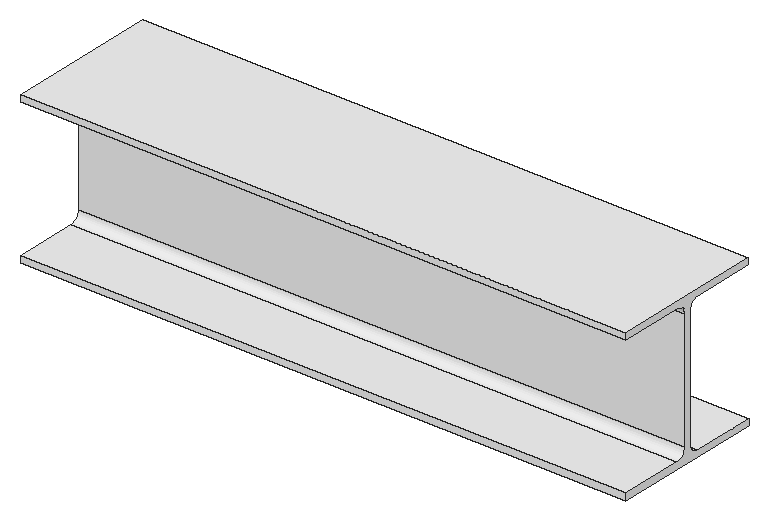
Revit family "M_HP Formas", category Quadro estrutural, Revit 2019
Family settings
  Arredondamento do comprimento do framing estrutural = 0.10 mm
  Forma do corte = Forma I do flange largo
  Material para o comportamento do modelo = Aço
  Exportar sempre como geometria = Não
  Family Name Key = M_HP Shapes
  Nome do código = AISC 14.1
  Número OmniClass = 23.25.30.11.14.14
  Título OmniClass = Beams
  ID de item do Seek = HP-Shapes-0000-CAN-ENU
  Sempre na vertical = Sim
  Corte com vazios quando carregada = Não
  Representação simbólica = Das configurações de projeto
  Compartilhado = Não
  Exibir o pré-corte da família na vista da planta = Sim
Parameters (values of type "HP310X93")
  Largura = 307.00 mm
  Espessura da teia = 13.100 mm
  Concordância da teia = 18.700 mm
  Constante da empena = 1340000000000.0 mm6
  Momento de inércia de torção = 762000.00 mm4
  Structural Material [instance] = Aço, 45-345
  Section Name Key = ""
  Section Area = 11900.0 mm²
  Plastic Modulus weak axis = 634000.0 mm³
  Plastic Modulus strong axis = 1450000.0 mm³
  Nominal Weight = 912.02 N/m
  Moment of Inertia weak axis = 6370 cm⁴
  Moment of Inertia strong axis = 19600 cm⁴
  Height = 303.00 mm
  Flange Thickness = 13.1 mm
  Elastic Modulus weak axis = 415000.0 mm³
  Elastic Modulus strong axis = 1300000.0 mm³
  Centroid Vertical = Height / 2  # 151.5 mm
  Centroid Horizontal = Largura / 2  # 153.5 mm
  Bolt Spacing = 139.7 mm
  Assembly Code = ""
  Length [instance] = 1524.00 mm
Reference planes
  plane 1 "Centro (Frente/Trás)": y = 0
  plane 2: z = 0
  plane 3 "Centro (Esquerda/Direita)": x = 4.61
  plane 4 "Membro esquerdo": x = -604.99
  plane 5 "Membro direito": x = 614.21
  plane 6: y = 153.5
  plane 7: y = -153.5
  plane 8 "Superior": z = 151.5
  plane 9: z = -151.5
  plane 10 "Direita": x = 766.61
  plane 11 "Esquerda": x = -757.39
  plane 12: x = 0
Forms (mm)
  Sweep 1, solid, material "Aço, 45-345" <- "Structural Material", detail levels fine
    path origin (0, 0, 0) x (1, 0, 0) y (0, 1, 0)
      loop
        line (614.21, 0) -> (-604.99, 0)
    profile "M_HP-Pilar de arrimo-Perfil-Alto : M_HP-Pilar de arrimo-Perfil-Alto" origin (4.61, 0, 0) x (0, -1, 0) y (0, 0, 1)
      loop
        line (-153.5, -151.5) -> (153.5, -151.5) -> (153.5, -138.4) -> (25.25, -138.4)
        arc (25.25, -138.4) -> (12.027, -132.923) -> (6.55, -119.7) r 18.7
        line (6.55, -119.7) -> (6.55, 119.7)
        arc (6.55, 119.7) -> (12.027, 132.923) -> (25.25, 138.4) r 18.7
        line (25.25, 138.4) -> (153.5, 138.4) -> (153.5, 151.5) -> (-153.5, 151.5) -> (-153.5, 138.4) -> (-25.25, 138.4)
        arc (-25.25, 138.4) -> (-12.027, 132.923) -> (-6.55, 119.7) r 18.7
        line (-6.55, 119.7) -> (-6.55, -119.7)
        arc (-6.55, -119.7) -> (-12.027, -132.923) -> (-25.25, -138.4) r 18.7
        line (-25.25, -138.4) -> (-153.5, -138.4) -> (-153.5, -151.5)
  Sweep 2, solid, material "Aço, 45-345" <- "Structural Material", detail levels medium
    path origin (0, 0, 0) x (1, 0, 0) y (0, 1, 0)
      loop
        line (614.21, 0) -> (-604.99, 0)
    profile "M_HP-Pilar de arrimo-Perfil-Médio : M_HP-Pilar de arrimo-Perfil-Médio" origin (4.61, 0, 0) x (0, -1, 0) y (0, 0, 1)
      loop
        line (-153.5, -151.5) -> (153.5, -151.5) -> (153.5, -138.4) -> (6.55, -138.4) -> (6.55, 138.4) -> (153.5, 138.4) -> (153.5, 151.5) -> (-153.5, 151.5) -> (-153.5, 138.4) -> (-6.55, 138.4) -> (-6.55, -138.4) -> (-153.5, -138.4) -> (-153.5, -151.5)
Lines and regions (mm)
  symbolic lines, style "Faces ocultas", detail levels medium+fine
    curve 1: line (614.21, -6.55, 0) -> (-604.99, -6.55, 0)
    curve 2: line (614.21, 6.55, 0) -> (-604.99, 6.55, 0)
  symbolic lines, style "Símbolos de vara", detail levels coarse
    curve 3: line (4.61, 153.5, 151.5) -> (4.61, -153.5, 151.5)
    curve 4: line (4.61, -153.5, -151.5) -> (4.61, 153.5, -151.5)
    curve 5: line (4.61, 0, -151.5) -> (4.61, 0, 151.5)
Dimensions and locks
  "Largura": plane 6 to plane 7
  "Height": plane 9 to plane 8 "Superior"
  equal spacing: plane 9, plane 2, plane 8 "Superior"
  equal spacing: plane 6, plane 1 "Centro (Frente/Trás)", plane 7
  "Length": plane 11 "Esquerda" to plane 10 "Direita"
  aligned and locked: Sweep 1 sketch curve to plane 1 "Centro (Frente/Trás)"
  aligned and locked: Sweep 2 sketch curve to plane 1 "Centro (Frente/Trás)"
  aligned and locked: Sweep 2 to curve 3  (x2)
  aligned and locked: Sweep 2 to curve 4  (x2)
  aligned and locked: curve 3 to Sweep 2
  aligned and locked: curve 4 to Sweep 2
  aligned and locked: plane 4 "Membro esquerdo" to Sweep 2 sketch curve
  aligned and locked: plane 5 "Membro direito" to Sweep 2 sketch curve
  aligned and locked: plane 4 "Membro esquerdo" to Sweep 1 sketch curve
  aligned and locked: plane 5 "Membro direito" to Sweep 1 sketch curve
  aligned and locked: plane 4 "Membro esquerdo" to curve 1
  aligned and locked: plane 4 "Membro esquerdo" to curve 2
  aligned and locked: plane 5 "Membro direito" to curve 1
  aligned and locked: plane 5 "Membro direito" to curve 2
  aligned and locked: curve 1 to Sweep 2
  aligned and locked: curve 2 to Sweep 2
  aligned and locked: plane 2 to level
  aligned and locked: plane 1 "Centro (Frente/Trás)" to curve 5
Types in the file's own list only (20): name | Largura | Espessura da teia | Concordância da teia | Constante da empena | Momento de inércia de torção | Chave do nome do corte | Área de corte | Eixo fraco do módulo plástico | Eixo forte do módulo plástico | Peso nominal | Eixo fraco do momento de inércia | Eixo forte do momento de inércia | Altura | Espessura do flange | Eixo fraco do módulo de elasticidade | Eixo forte do módulo de elasticidade | Centróide vertical | Centróide horizontal | Espaçamento do parafuso
  HP460X304 | 459.740 mm | 28.700 mm | 29.974 mm | 22200000000000.0 mm6 | 12300000.00 mm4 | HP18X204 | 38800.0 mm² | 3130000.0 mm³ | 7100000.0 mm³ | 304.00 kgf/m | 466000000.00 mm4 | 1450000000.00 mm4 | 465.000 mm | 28.700 mm | 2030000.0 mm³ | 6230000.0 mm³ | 232.500 mm | 229.870 mm | 190.5 mm
  HP460X269 | 457.200 mm | 25.400 mm | 29.972 mm | 18900000000000.0 mm6 | 8620000.00 mm4 | HP18X181 | 34300.0 mm² | 2740000.0 mm³ | 6210000.0 mm³ | 269.00 kgf/m | 405000000.00 mm4 | 1260000000.00 mm4 | 457.200 mm | 25.400 mm | 1770000.0 mm³ | 5510000.0 mm³ | 228.600 mm | 228.600 mm | 190.5 mm
  HP460X234 | 454.660 mm | 22.100 mm | 29.970 mm | 15800000000000.0 mm6 | 5790000.00 mm4 | HP18X157 | 29800.0 mm² | 2340000.0 mm³ | 5360000.0 mm³ | 234.00 kgf/m | 347000000.00 mm4 | 1070000000.00 mm4 | 450.596 mm | 22.100 mm | 1530000.0 mm³ | 4750000.0 mm³ | 225.298 mm | 227.330 mm | 190.5 mm
  HP460X202 | 452.120 mm | 19.100 mm | 29.922 mm | 13300000000000.0 mm6 | 3800000.00 mm4 | HP18X135 | 25700.0 mm² | 2000000.0 mm³ | 4600000.0 mm³ | 202.00 kgf/m | 294000000.00 mm4 | 916000000.00 mm4 | 444.500 mm | 19.100 mm | 1300000.0 mm³ | 4110000.0 mm³ | 222.250 mm | 226.060 mm | 190.5 mm
  HP410X272 | 414.000 mm | 28.700 mm | 29.974 mm | 13000000000000.0 mm6 | 11200000.00 mm4 | HP16X183 | 34900.0 mm² | 2560000.0 mm³ | 5720000.0 mm³ | 272.00 kgf/m | 340000000.00 mm4 | 1040000000.00 mm4 | 419.100 mm | 28.700 mm | 1640000.0 mm³ | 4980000.0 mm³ | 209.550 mm | 207.000 mm | 139.7 mm
  HP410X242 | 408.940 mm | 25.400 mm | 29.972 mm | 11000000000000.0 mm6 | 7830000.00 mm4 | HP16X162 | 30800.0 mm² | 2200000.0 mm³ | 5010000.0 mm³ | 242.00 kgf/m | 290000000.00 mm4 | 912000000.00 mm4 | 414.000 mm | 25.400 mm | 1420000.0 mm³ | 4410000.0 mm³ | 207.000 mm | 204.470 mm | 139.7 mm
  HP410X211 | 406.400 mm | 22.200 mm | 30.124 mm | 9210000000000.0 mm6 | 5370000.00 mm4 | HP16X141 | 26900.0 mm² | 1900000.0 mm³ | 4330000.0 mm³ | 211.00 kgf/m | 249000000.00 mm4 | 778000000.00 mm4 | 406.400 mm | 22.200 mm | 1230000.0 mm³ | 3830000.0 mm³ | 203.200 mm | 203.200 mm | 139.7 mm
  HP410X181 | 403.860 mm | 19.100 mm | 29.922 mm | 7650000000000.0 mm6 | 3480000.00 mm4 | HP16X121 | 23100.0 mm² | 1600000.0 mm³ | 3700000.0 mm³ | 181.00 kgf/m | 210000000.00 mm4 | 662000000.00 mm4 | 401.000 mm | 19.100 mm | 1040000.0 mm³ | 3290000.0 mm³ | 200.500 mm | 201.930 mm | 139.7 mm
  HP410X151 | 401.320 mm | 15.900 mm | 30.074 mm | 6120000000000.0 mm6 | 2110000.00 mm4 | HP16X101 | 19300.0 mm² | 1310000.0 mm³ | 3060000.0 mm³ | 151.00 kgf/m | 171000000.00 mm4 | 541000000.00 mm4 | 393.700 mm | 15.900 mm | 855000.0 mm³ | 2750000.0 mm³ | 196.850 mm | 200.660 mm | 139.7 mm
  HP410X131 | 398.780 mm | 13.700 mm | 29.988 mm | 5100000000000.0 mm6 | 1440000.00 mm4 | HP16X88 | 16600.0 mm² | 1120000.0 mm³ | 2640000.0 mm³ | 131.00 kgf/m | 145000000.00 mm4 | 462000000.00 mm4 | 389.382 mm | 13.700 mm | 729000.0 mm³ | 2380000.0 mm³ | 194.691 mm | 199.390 mm | 139.7 mm
  HP360X174 | 378.000 mm | 20.400 mm | 17.700 mm | 5340000000000.0 mm6 | 3340000.00 mm4 | HP14X117 | 22200.0 mm² | 1500000.0 mm³ | 3180000.0 mm³ | 174.00 kgf/m | 184000000.00 mm4 | 508000000.00 mm4 | 361.000 mm | 20.400 mm | 975000.0 mm³ | 2820000.0 mm³ | 180.500 mm | 189.000 mm | 139.7 mm
  HP360X152 | 376.000 mm | 17.900 mm | 17.200 mm | 4510000000000.0 mm6 | 2240000.00 mm4 | HP14X102 | 19400.0 mm² | 1290000.0 mm³ | 2770000.0 mm³ | 152.00 kgf/m | 158000000.00 mm4 | 437000000.00 mm4 | 356.000 mm | 17.900 mm | 842000.0 mm³ | 2460000.0 mm³ | 178.000 mm | 188.000 mm | 139.7 mm
  HP360X132 | 373.000 mm | 15.600 mm | 17.700 mm | 3810000000000.0 mm6 | 1490000.00 mm4 | HP14X89 | 16800.0 mm² | 1110000.0 mm³ | 2390000.0 mm³ | 132.00 kgf/m | 136000000.00 mm4 | 376000000.00 mm4 | 351.000 mm | 15.600 mm | 726000.0 mm³ | 2150000.0 mm³ | 175.500 mm | 186.500 mm | 139.7 mm
  HP360X108 | 371.000 mm | 12.800 mm | 17.400 mm | 3010000000000.0 mm6 | 837000.00 mm4 | HP14X73 | 13800.0 mm² | 895000.0 mm³ | 1930000.0 mm³ | 108.00 kgf/m | 109000000.00 mm4 | 303000000.00 mm4 | 345.000 mm | 12.800 mm | 587000.0 mm³ | 1750000.0 mm³ | 172.500 mm | 185.500 mm | 139.7 mm
  HP310X125 | 312.000 mm | 17.400 mm | 17.700 mm | 1920000000000.0 mm6 | 1760000.00 mm4 | HP12X84 | 15900.0 mm² | 872000.0 mm³ | 1970000.0 mm³ | 125.00 kgf/m | 88700000.00 mm4 | 271000000.00 mm4 | 312.000 mm | 17.400 mm | 567000.0 mm³ | 1740000.0 mm³ | 156.000 mm | 156.000 mm | 139.7 mm
  HP310X110 | 310.000 mm | 15.400 mm | 17.800 mm | 1650000000000.0 mm6 | 1240000.00 mm4 | HP12X74 | 14100.0 mm² | 764000.0 mm³ | 1720000.0 mm³ | 110.00 kgf/m | 77400000.00 mm4 | 237000000.00 mm4 | 307.000 mm | 15.500 mm | 498000.0 mm³ | 1540000.0 mm³ | 153.500 mm | 155.000 mm | 139.7 mm
  HP310X79 | 305.000 mm | 11.000 mm | 17.700 mm | 1100000000000.0 mm6 | 466000.00 mm4 | HP12X53 | 10000.0 mm² | 528000.0 mm³ | 1210000.0 mm³ | 79.00 kgf/m | 52900000.00 mm4 | 164000000.00 mm4 | 300.000 mm | 11.000 mm | 346000.0 mm³ | 1090000.0 mm³ | 150.000 mm | 152.500 mm | 139.7 mm
  HP250X85 | 259.000 mm | 14.400 mm | 17.400 mm | 602000000000.0 mm6 | 820000.00 mm4 | HP10X57 | 10800.0 mm² | 497000.0 mm³ | 1090000.0 mm³ | 85.00 kgf/m | 42000000.00 mm4 | 122000000.00 mm4 | 254.000 mm | 14.400 mm | 323000.0 mm³ | 964000.0 mm³ | 127.000 mm | 129.500 mm | 139.7 mm
  HP250X62 | 257.000 mm | 10.500 mm | 18.000 mm | 414000000000.0 mm6 | 338000.00 mm4 | HP10X42 | 8000.0 mm² | 357000.0 mm³ | 791000.0 mm³ | 62.00 kgf/m | 29800000.00 mm4 | 87400000.00 mm4 | 246.000 mm | 10.700 mm | 233000.0 mm³ | 711000.0 mm³ | 123.000 mm | 128.500 mm | 139.7 mm
  HP200X53 | 207.000 mm | 11.300 mm | 17.400 mm | 155000000000.0 mm6 | 320000.00 mm4 | HP8X36 | 6840.0 mm² | 249000.0 mm³ | 551000.0 mm³ | 53.00 kgf/m | 16800000.00 mm4 | 49500000.00 mm4 | 204.000 mm | 11.300 mm | 162000.0 mm³ | 488000.0 mm³ | 102.000 mm | 103.500 mm | 139.7 mm
